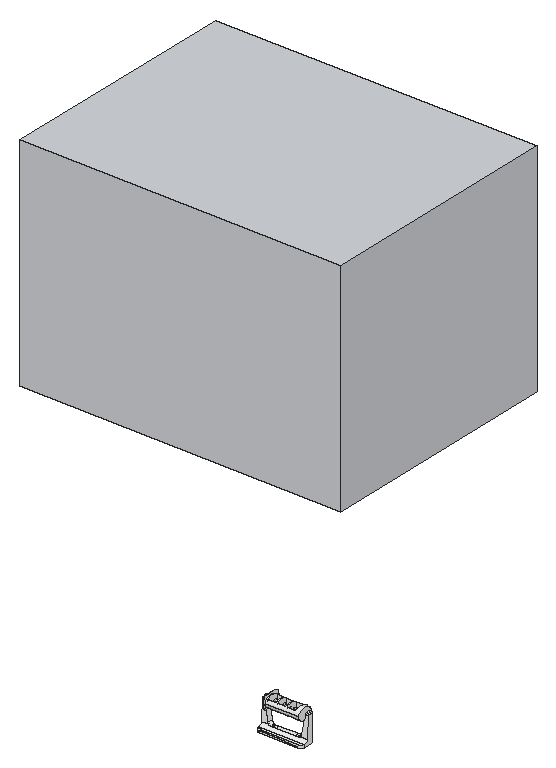
Revit family
Parameters
  Warranty Duration (Years) = 0
  URL = "http://www.americanspecialties.com/viewCategories.cfm"
  Trim Material = Metal - Aluminum
  Test Data = ""
  Specification = "http://www.arcat.com/sdspecs/htm/10810asi.htm"
  SpecWizard = ""
  Send Message = "http://www.arcat.com/users.pl?action=UserEmail&company=American%20Specialties,%20Inc.&coid=30448&rep=139&fax=914-476-0688&mf="
  Sales Information = "http://www.americanspecialties.com/contact"
  Revision = "R1_10-2010"
  Product Properties = "http://www.americanspecialties.com/datasheets/0263-1.pdf"
  Product Data = "http://www.arcat.com/arcatcos/cos30/arc30448.html"
  Model = "As Specified in 10 28 13"
  Manufacturer Website = "http://www.americanspecialties.com/viewCategories.cfm"
  Manufacturer Phone - Toll Free = ""
  Manufacturer Phone = "914-476-9000 "
  Manufacturer Fax = "914-476-0688"
  Manufacturer Address = "441 Saw Mill River Rd., Yonkers, NY 10701"
  Manufacturer = "American Specialties, Inc."
  Maintenance Schedule (Months) = 0
  Keynote = "10 28 13"
  Installation-Fabrication = "http://www.americanspecialties.com/products.cfm"
  Green Building-LEED = ""
  Expected Lifespan (Years) = 0
  Drawn By = "Robert S. Weygant. CSI, CDT, SCIP"  # constant formula
  Description = "Toilet Accessory as Specified in 10 28 13"
  Body Material = Metal - Aluminum
  Default Elevation = 4' - 0"
  Copyright = "©Arcat Inc."
  Construction Details = "http://www.arcat.com/green/clients/leed_data_30448.html"
  Building Codes = "http://www.americanspecialties.com/products.cfm"
  Assembly Code = "C1030210"
Reference planes (in)
  plane 1 "Floor Line": z = 0
  plane 2 "Center (Left/Right)": x = -0.65843
  plane 3: x = -7.15843
  plane 4: x = 5.84157
  plane 5: y = 0.08388
  plane 6: x = -3.90843
  plane 7: x = 2.59157
Forms (in)
  Extrusion 1, solid
    sketch origin (-3.65843, -10.3328, -6) x (0, 0, -1) y (1, 0, 0)
      loop
        line (-82, 26) -> (-82, -19.34712) -> (-50.8938, -19.34712) -> (-50.8938, 26) -> (-82, 26)
    from 9 to -25.60721
  Extrusion 2, solid, material "Metal - Aluminum" <- "Body Material"
    sketch origin (-0.65843, -1.25, 0) x (0, 1, 0) y (0, 0, 1)
      loop
        line (1.45888, 0) -> (1.45888, 3.96999)
        arc (1.45888, 3.96999) -> (1.45004, 3.98612) -> (1.43169, 3.98732) r 0.01912
        line (1.43169, 3.98732) -> (1.05702, 3.81261)
        arc (1.05702, 3.81261) -> (1.03196, 3.79139) -> (1.02113, 3.76038) r 0.06243
        line (1.02113, 3.76038) -> (0.81134, 0.76024)
        arc (0.81134, 0.76024) -> (0.64864, 0.44093) -> (0.31408, 0.3125) r 0.5
        line (0.31408, 0.3125) -> (-0.16726, 0.3125)
        arc (-0.16726, 0.3125) -> (-0.25484, 0.27622) -> (-0.29112, 0.18864) r 0.12386
        line (-0.29112, 0.18864) -> (-0.29112, 0) -> (1.45888, 0)
    from -3.25 to 3.25
  Extrusion 3, void
    sketch origin (3.25071, -1.54112, 0) x (1, 0, 0) y (0, 0, 1)
      loop
        line (-6.76214, 4) -> (-6.33952, 0.99291)
        arc (-6.33952, 0.99291) -> (-6.17241, 0.68515) -> (-5.84438, 0.5625) r 0.5
        line (-5.84438, 0.5625) -> (-1.9739, 0.5625)
        arc (-1.9739, 0.5625) -> (-1.64587, 0.68515) -> (-1.47877, 0.99291) r 0.5
        line (-1.47877, 0.99291) -> (-1.05615, 4) -> (-6.76214, 4)
    from -1.75 to -1.06286
  Extrusion 4, void
    sketch origin (3, -1.5, 0) x (1, 0, 0) y (0, 1, 0)
      loop
        line (-6.90843, 0.45888) -> (-7.28343, 0.45888) -> (-7.28343, -0.41612) -> (-6.40843, -0.41612) -> (-6.40843, -0.04112)
        arc (-6.40843, -0.04112) -> (-6.76199, 0.10533) -> (-6.90843, 0.45888) r 0.5
      loop
        arc (-0.40843, 0.45888) -> (-0.55488, 0.10533) -> (-0.90843, -0.04112) r 0.5
        line (-0.90843, -0.04112) -> (-0.90843, -0.41612) -> (-0.03343, -0.41612) -> (-0.03343, 0.45888) -> (-0.40843, 0.45888)
    from 0 to 0.3125
  Extrusion 5, solid, material "Metal - Aluminum" <- "Body Material"
    sketch origin (2.51422, -1.13894, -0.29476) x (0, 1, 0) y (0, 0, 1)
      loop
        spline (1.95944, 4) -> (1.92384, 4.19411) -> (1.81948, 4.375) -> (1.65348, 4.53033) -> (1.43713, 4.64952) -> (1.18519, 4.72444) -> (0.91482, 4.75) -> (0.64446, 4.72444) -> (0.39252, 4.64952) -> (0.17617, 4.53033) -> (0.01016, 4.375) -> (-0.0942, 4.19411) -> (-0.12979, 4)
        spline (-0.12979, 4) -> (-0.0942, 3.80589) -> (0.01016, 3.625) -> (0.17617, 3.46967) -> (0.39252, 3.35048) -> (0.64446, 3.27556) -> (0.91482, 3.25) -> (1.18519, 3.27556) -> (1.43713, 3.35048) -> (1.65348, 3.46967) -> (1.81948, 3.625) -> (1.92384, 3.80589) -> (1.95944, 4)
    from -5.42438 to -0.54938
  Revolve 6, solid, material "Metal - Aluminum" <- "Body Material"
    sketch origin (3.37328, 3.59931, 3.70524) x (0, -1, 0) y (1, 0, 0)
      loop
        line (3.51543, -6.92184) -> (3.66895, -6.92184) -> (3.66895, -6.65843) -> (3.71482, -6.65843) -> (3.71482, -6.40843) -> (3.51543, -6.40843) -> (3.51543, -6.92184)
      axis (3.51543, -6.92184) -> (3.51543, -6.40843)
    angle from 0 to 360
  Extrusion 7, solid, material "Metal - Aluminum" <- "Body Material"
    sketch origin (8.51422, -1.13894, -0.29476) x (0, 1, 0) y (0, 0, 1)
      loop
        line (0.31251, 3.12587) -> (1.79625, 3.12587)
        arc (1.79625, 3.12587) -> (2.04286, 3.19092) -> (2.22531, 3.36914) r 0.5
        arc (2.22531, 3.36914) -> (2.39988, 4.00087) -> (2.22531, 4.6326) r 1.23034
        arc (2.22531, 4.6326) -> (2.04286, 4.81082) -> (1.79625, 4.87587) r 0.5
        line (1.79625, 4.87587) -> (0.31251, 4.87587)
        arc (0.31251, 4.87587) -> (0.0659, 4.81082) -> (-0.11655, 4.6326) r 0.5
        arc (-0.11655, 4.6326) -> (-0.29112, 4.00087) -> (-0.11655, 3.36914) r 1.23034
        arc (-0.11655, 3.36914) -> (0.0659, 3.19092) -> (0.31251, 3.12587) r 0.5
    from -11.54938 to -11.42438
  Extrusion 8, void
    sketch origin (3.37328, 0, 0) x (1, 0, 0) y (0, 1, 0)
      loop
        line (-5.99175, 0.49833) -> (-5.99175, -1.00167) -> (-4.74175, -1.00167) -> (-4.74175, 0.49833) -> (-5.99175, 0.49833)
      loop
        line (-1.99175, -1.00167) -> (-1.99175, 0.49833) -> (-3.24175, 0.49833) -> (-3.24175, -1.00167) -> (-1.99175, -1.00167)
      loop
        line (-4.61675, -1.00167) -> (-3.36675, -1.00167) -> (-3.36675, 0.49833) -> (-4.61675, 0.49833) -> (-4.61675, -1.00167)
    from 2.8311 to 4.5811
  Extrusion 9, solid, material "Metal - Aluminum" <- "Body Material"
    sketch origin (-3.95179, 5.38295, 2.37135) x (0, 0, 1) y (0, -1, 0)
      loop
        circle (1.3339, 5.29907) r 0.09463
    from 3.56483 to 6.35204
  Extrusion 10, solid, material "Metal - Aluminum" <- "Body Material"
    sketch origin (-6.31405, 5.38295, 2.37135) x (0, 0, 1) y (0, -1, 0)
      loop
        circle (1.3339, 5.29907) r 0.09463
    from 3.69558 to 5.14775
  Extrusion 11, void
    sketch origin (0, 0, 0) x (1, 0, 0) y (0, 1, 0)
      loop
        line (-2.70388, -0.16612) -> (-2.07888, -0.16612)
        arc (-2.07888, -0.16612) -> (-2.01638, -0.10362) -> (-2.07888, -0.04112) r 0.0625
        line (-2.07888, -0.04112) -> (-2.70388, -0.04112)
        arc (-2.70388, -0.04112) -> (-2.76638, -0.10362) -> (-2.70388, -0.16612) r 0.0625
      loop
        arc (1.38701, -0.16612) -> (1.44951, -0.10362) -> (1.38701, -0.04112) r 0.0625
        line (1.38701, -0.04112) -> (0.76201, -0.04112)
        arc (0.76201, -0.04112) -> (0.69951, -0.10362) -> (0.76201, -0.16612) r 0.0625
        line (0.76201, -0.16612) -> (1.38701, -0.16612)
    from 0 to 1.80939
Cuts and joins
  Extrusion 3, Extrusion 4, Extrusion 8, Extrusion 11 cuts Extrusion 2
  Extrusion 8 cuts Extrusion 5
Dimensions and locks (in)
  aligned and locked: Extrusion 3 to Extrusion 2
  aligned and locked: Extrusion 4 to Extrusion 2
  aligned and locked: Extrusion 4 to level
  aligned and locked: Revolve 6 sketch curve to Revolve 6 sketch curve
  aligned and locked: Extrusion 7 to Revolve 6
  aligned and locked: Extrusion 2 to plane 6
  aligned and locked: Extrusion 2 to plane 7
  aligned and locked: Extrusion 5 to Extrusion 7
